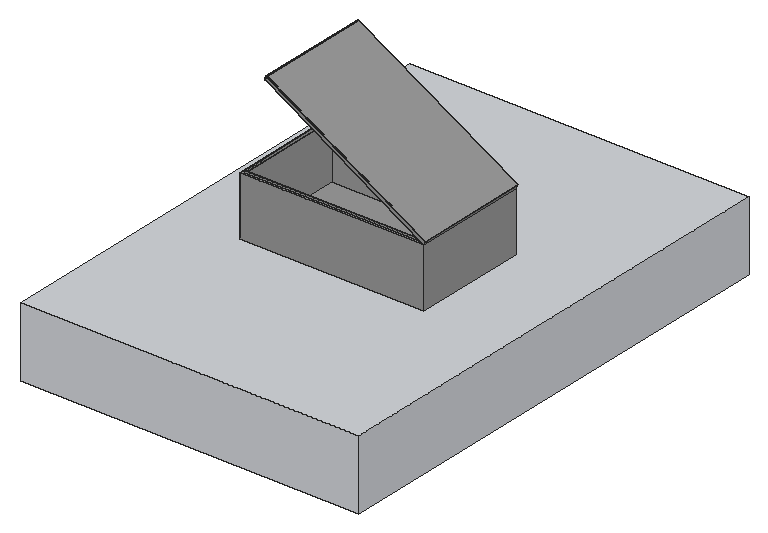
Revit family "Hager-Univers-IP55-D275-H500-Cl.II-Steel_encl-BE-en", category Equipement électrique, Revit 2020
Family settings
  Hôte = Face
  Configuration du panneau = Deux colonnes, circuits au sein
  Cote de connecteur circulaire = Utiliser le diamètre
  Type d'élément = Tableau de raccordement
  Couper avec des vides une fois chargée = Non
  Partagée = Non
  Point de calcul de pièce = Non
Parameters (values of type "Surface mounted (plaster) IP55 W800 H500 D275  - FR33S")
  Width Control [instance] = if([EF000008 - Width] > Min Width, [EF000008 - Width], Min Width)  # 800 mm
  Commentaires du type = [HG000003 - Range]  # "Univers"
  Thickness Door [instance] = if([EF009171 - Material plate thickness door/cover] > 3 mm, 3 mm, [EF009171 - Material plate thickness door/cover])  # 1.5 mm
  Seal Frame Offset [instance] = 17 mm  # constant formula
  Plinth Visibility [instance] = [HG000027 - Plinth height] > 0 mm  # no
  Model = ""
  Min Width [instance] = 100 mm  # constant formula
  Min Height [instance] = 100 mm  # constant formula
  Min Depth [instance] = (2 * [EF009170 - Material plate thickness cabinet]) + 1 mm  # 4 mm
  Internal Frame Depth [instance] = (Door System Depth * 0.5)  # 9 mm
  Height Control [instance] = if([EF000040 - Height] > Min Height, [EF000040 - Height], Min Height)  # 500 mm
  HG000027 - Plinth height = 0 mm
  HG000026 - Floor standing = no
  HG000024 - Bottom section height = 800 mm
  HG000023 - Double section enclosure = no
  HG000016 - Door 3d visibility [instance] = yes
  HG000015 - Clearance visibility [instance] = no
  HG000014 - Door on the right [instance] = yes
  HG000013 - Door on the left [instance] = not([HG000014 - Door on the right])  # no
  HG000012 - Door swing angle [instance] = 30.00°
  HG000010 - Asymmetric doors = no
  HG000009 - Double swing door = no
  HG000006 - Flush mounted = no
  HG000004 - Manufacturer reference = "FR33S"
  HG000003 - Range = "Univers"
  HG000002 - With door or cover = yes
  Frame Offset Bottom [instance] = 10 mm  # constant formula
  Frame Offset [instance] = 15 mm  # constant formula
  EF015940 - Cover with overpressure release = no
  EF011959 - Degree of protection (NEMA) = ""
  EF009554 - Number of openings for flange plates = 6
  EF009212 - Cover model = "EV000116 - Closed"
  EF009171 - Material plate thickness door/cover = 1.5 mm
  EF009170 - Material plate thickness cabinet = 1.5 mm
  Fabricant = "Hager"  # constant formula
  EF008873 - Nominal current (In) = 800 A
  EF007800 - Suitable for lightning protection = no
  EF006306 - With lock = no
  EF006244 - Transparent cover/door = no
  EF005474 - Degree of protection (IP) = "EV006420 - IP55"
  EF004464 - Type of door = "EV002646 - Single"
  EF004427 - Number of modules = 108
  EF004293 - Impact strength = "EV008784 - IK10"
  EF003532 - Suitable for outdoor use = no
  EF002950 - Width in number of modular spacings = 24
  EF001613 - Circuit integrity = "EV000494 - None"
  EF001596 - Material housing = "EV000179 - Steel"
  EF001131 - Internal depth = 275 mm
  EF001088 - Extension possible = yes
  EF000437 - Number of conduit inlets = 6
  EF000339 - Type of cover = "EV004216 - Door"
  EF000266 - Number of rows = 3
  EF000218 - Built-in depth = 0 mm
  EF000118 - With mounting plate = no
  EF000116 - RAL-number = "7035"
  EF000049 - Depth = 275 mm
  EF000040 - Height = 500 mm
  EF000008 - Width = 800 mm
  EF000007 - Colour = "EV000270 - Grey"
  EF000003 - Mounting method = "EV000384 - Surface mounted (plaster)"
  Door System Leaf Tolerance [instance] = 1.5 mm  # constant formula
  Door System Depth [instance] = 18 mm  # constant formula
  Door Height [instance] = Height Control - [HG000027 - Plinth height]  # 500 mm
  Depth Control [instance] = if([EF000049 - Depth] > Min Depth, [EF000049 - Depth], Min Depth)  # 275 mm
  Default Elevation = 0 mm
  Connector Offset [instance] = Height Control / 2  # 250 mm
  Bottom Top Plate Trim [instance] = 1.5 mm  # constant formula
  Plinth height Ctrl [instance] = if([HG000027 - Plinth height] > 0 mm, [HG000027 - Plinth height], 12 mm)  # 12 mm
Types (5, lengths in mm): name | Width Control | HG000010 - Asymmetric doors | HG000009 - Double swing door | HG000004 - Manufacturer reference | EF009554 - Number of openings for flange plates | EF004464 - Type of door | EF004427 - Number of modules | EF000437 - Number of conduit inlets | EF000008 - Width
  Surface mounted (plaster) IP55 W1050 H500 D275  - FR34S | 1050 | no | yes | "FR34S" | 8 | "EV003602 - Double" | 144 | 8 | 1050
  Surface mounted (plaster) IP55 W1300 H500 D275  - FR35S | 1300 | yes | yes | "FR35S" | 10 | "EV003602 - Double" | 180 | 10 | 1300
  Surface mounted (plaster) IP55 W300 H500 D275  - FR31S | 300 | no | no | "FR31S" | 2 | "EV002646 - Single" | 36 | 2 | 300
  Surface mounted (plaster) IP55 W550 H500 D275  - FR32S | 550 | no | no | "FR32S" | 4 | "EV002646 - Single" | 72 | 4 | 550
  Surface mounted (plaster) IP55 W800 H500 D275  - FR33S | 800 | no | no | "FR33S" | 6 | "EV002646 - Single" | 108 | 6 | 800
Reference planes
  plane 1 "Center (Front/Back)": y = 0
  plane 2: z = 0
  plane 3 "Center (Left/Right)": x = 0
  plane 4: z = 275
  plane 5: y = 1.5
  plane 6: y = 250
  plane 7: y = 0
  plane 8: y = 500
  plane 9: z = 0
  plane 10: x = -385
  plane 11: x = 385
  plane 12: x = 383.5
  plane 13: x = -383.5
  plane 14: y = 498.5
  plane 15: x = -383
  plane 16: x = -400
  plane 17: x = 383
  plane 18: x = 400
  plane 19: x = 398.5
  plane 20: x = -398.5
  plane 21: y = 11.5
  plane 22: y = 500
  plane 23: y = 483.5
  plane 24: z = 257
  plane 25: z = 1.5
  plane 26: z = 255.5
  plane 27: z = 273.5
Forms (mm)
  Extrusion 1, solid
    sketch origin (0, 0, 0) x (1, 0, 0) y (0, 1, 0)
      loop
        line (-702.964, 1305) -> (-702.964, -811.445) -> (766.763, -811.445) -> (766.763, 1305) -> (-702.964, 1305)
    from 0 to -304.8
  Extrusion 2, solid, material "Hager_Steel_RAL7035_Light_Grey", visible <- "Plinth Visibility", detail levels medium+fine
    sketch origin (0, 0, 0) x (1, 0, 0) y (0, 1, 0)
      loop
        line (-400, 0) -> (400, 0) -> (400, 12) -> (-400, 12) -> (-400, 0)
    from 0 to 257
  Extrusion 3, solid, material "Hager_Steel_RAL7035_Light_Grey", detail levels medium+fine
    sketch origin (0, 0, 0) x (1, 0, 0) y (0, 1, 0)
      loop
        line (-400, 0) -> (400, 0) -> (400, 500) -> (-400, 500) -> (-400, 0)
    from 0 to 257
  Extrusion 4, void
    sketch origin (0, 0, 0) x (1, 0, 0) y (0, 1, 0)
      loop
        line (-398.5, 1.5) -> (398.5, 1.5) -> (398.5, 498.5) -> (-398.5, 498.5) -> (-398.5, 1.5)
    from 1.5 to 255.5
  Extrusion 5, void
    sketch origin (-381.607, -4572, 257) x (0, -1, 0) y (-1, 0, 0)
      loop
        line (-4583.5, 1.893) -> (-5055.5, 1.893) -> (-5055.5, -765.107) -> (-4583.5, -765.107) -> (-4583.5, 1.893)
    from 0 to 1.5 <- "EF009170 - Material plate thickness cabinet"
  Extrusion 6, solid, material "Hager_Steel_RAL7035_Light_Grey", detail levels fine
    sketch origin (0, 0, 257) x (1, 0, 0) y (0, 1, 0)
      loop
        line (-383.5, 483.5) -> (-383.5, 11.5) -> (383.5, 11.5) -> (383.5, 483.5) -> (-383.5, 483.5)
      loop
        line (-385, 10) -> (385, 10) -> (385, 485) -> (-385, 485) -> (-385, 10)
    from 0 to 9 <- "Internal Frame Depth"
  Extrusion 7, solid, material "Hager_Steel_RAL7035_Light_Grey", detail levels coarse
    sketch origin (0, 0, 0) x (1, 0, 0) y (0, 1, 0)
      loop
        line (-400, 0) -> (400, 0) -> (400, 500) -> (-400, 500) -> (-400, 0)
    from 0 to 275
  Sweep 8, void
    path in 3D
      loop
        line (-400, 12, 0) -> (400, 12, 0) -> (400, 12, 257) -> (-400, 12, 257) -> (-400, 12, 0)
    profile origin (-400, 12, 128.5) x (-1, 0, 0) y (0, -1, 0)
      loop
        line (0, 0) -> (0, 1.5) -> (-1.5, 1.5)
        arc (-1.5, 1.5) -> (-1.061, 0.439) -> (0, 0) r 1.5
Cuts and joins
  Extrusion 4, Extrusion 5 cuts Extrusion 3
  Sweep 8 cuts Extrusion 2
Lines and regions (mm)
  Masking region 1
    outline origin (0, 0, 0) x (1, 0, 0) y (0, 0, 1)
      loop
        line (-400, 275) -> (-400, 0) -> (400, 0) -> (400, 275) -> (-400, 275)
  Masking region 2, detail levels medium+fine
    outline origin (0, 140, 0) x (0, 1, 0) y (0, 0, 1)
      loop
        line (-140, 0) -> (360, 0) -> (360, 257) -> (-140, 257) -> (-140, 0)
  Masking region 3, not visible, detail levels medium+fine
    outline origin (0, 297.922, 0) x (0, 1, 0) y (0, 0, 1)
      loop
        line (-36.422, 0) -> (3.578, 0) -> (3.578, 263.5)
        arc (3.578, 263.5) -> (0.649, 270.571) -> (-6.422, 273.5) r 10
        line (-6.422, 273.5) -> (-36.422, 273.5) -> (-36.422, 0)
  Masking region 4, detail levels coarse
    outline origin (0, 0, 180) x (0, 1, 0) y (0, 0, 1)
      loop
        line (0, -180) -> (500, -180) -> (500, 95) -> (0, 95) -> (0, -180)
  Masking region 5, visible <- "Plinth Visibility", detail levels medium+fine
    outline origin (0, 52.24, 12.345) x (0, 0, -1) y (0, 1, 0)
      loop
        line (10.845, -40.24) -> (-243.155, -40.24)
        arc (-243.155, -40.24) -> (-243.594, -41.301) -> (-244.655, -41.74) r 1.5
        line (-244.655, -41.74) -> (-244.655, -52.24) -> (12.345, -52.24) -> (12.345, -41.74)
        arc (12.345, -41.74) -> (11.285, -41.301) -> (10.845, -40.24) r 1.5
  Masking region 6, detail levels medium+fine
    outline origin (-381.607, -4572, 257) x (-1, 0, 0) y (0, -1, 0)
      loop
        line (18.393, -5072) -> (18.393, -4572) -> (-781.607, -4572) -> (-781.607, -5072) -> (18.393, -5072)
  Masking region 7, visible <- "Plinth Visibility", detail levels medium+fine
    outline origin (-381.607, -4727, 257) x (-1, 0, 0) y (0, -1, 0)
      loop
        arc (16.893, -4739) -> (17.332, -4737.939) -> (18.393, -4737.5) r 1.5
        line (18.393, -4737.5) -> (18.393, -4727) -> (-781.607, -4727) -> (-781.607, -4737.5)
        arc (-781.607, -4737.5) -> (-780.546, -4737.939) -> (-780.107, -4739) r 1.5
        line (-780.107, -4739) -> (16.893, -4739)
  Masking region 8, detail levels coarse
    outline origin (-442.548, -4669.526, 257) x (-1, 0, 0) y (0, -1, 0)
      loop
        line (-42.548, -5169.526) -> (-42.548, -4669.526) -> (-842.548, -4669.526) -> (-842.548, -5169.526) -> (-42.548, -5169.526)
  sketch lines
    curve 1: line (-400, 12, 257) -> (-400, 12, 0)
    curve 2: line (400, 12, 257) -> (-400, 12, 257)
    curve 3: line (400, 12, 257) -> (400, 12, 0)
    curve 4: line (-400, 12, 0) -> (400, 12, 0)
Dimensions and locks
  "Depth Control": plane 4 to Extrusion 1
  "HG000027 - Plinth height": plane 1 "Center (Front/Back)" to plane 7
  "EF009170 - Material plate thickness cabinet": plane 5 to plane 7
  locked: connector elem to plane 3 "Center (Left/Right)"
  equal spacing: plane 8, plane 6, plane 7
  locked: connector elem to plane 6
  "EF009170 - Material plate thickness cabinet": plane 8 to plane 14
  "EF009170 - Material plate thickness cabinet": plane 10 to plane 13
  "EF009170 - Material plate thickness cabinet": plane 12 to plane 11
  "Frame Offset": plane 20 to plane 13
  "Frame Offset": plane 12 to plane 19
  "EF009170 - Material plate thickness cabinet": plane 16 to plane 20
  "EF009170 - Material plate thickness cabinet": plane 19 to plane 18
  "Seal Frame Offset": plane 16 to plane 15
  "Seal Frame Offset": plane 17 to plane 18
  "Frame Offset Bottom": plane 21 to plane 5
  "Frame Offset": plane 14 to plane 23
  equal spacing: plane 16, plane 3 "Center (Left/Right)", plane 18
  "Width Control": plane 16 to plane 18
  "EF009170 - Material plate thickness cabinet": plane 4 to plane 27
  "EF009170 - Material plate thickness cabinet": plane 24 to plane 26
  "EF009170 - Material plate thickness cabinet": plane 25 to level
  "Door System Depth": plane 4 to plane 24
  "Height Control": plane 1 "Center (Front/Back)" to Extrusion 7 sketch curve
  "Height Control": Masking region 4 sketch curve to plane 1 "Center (Front/Back)"
  "Height Control": plane 1 "Center (Front/Back)" to plane 22
  "Bottom Top Plate Trim": profile plane to Sweep 8 sketch curve
  "Bottom Top Plate Trim": Sweep 8 sketch curve to profile plane
  "Plinth height Ctrl": plane 1 "Center (Front/Back)" to Extrusion 2 sketch curve
  "Plinth height Ctrl": Masking region 5 sketch curve to plane 1 "Center (Front/Back)"
  "Plinth height Ctrl": plane 1 "Center (Front/Back)" to Masking region 7 sketch curve
  "Thickness Door": Extrusion 6 sketch curve to Extrusion 6 sketch curve  (x3)
  "Thickness Door": cut or joined group of Extrusion 3, Extrusion 4, Extrusion 5 to Extrusion 6 sketch curve
  radius of Masking region 3 sketch curve = 10 mm
  "Bottom Top Plate Trim": radius of Masking region 5 sketch curve  (x2)
  "Bottom Top Plate Trim": radius of Sweep 8 sketch curve
  "Bottom Top Plate Trim": radius of Masking region 7 sketch curve  (x2)
  aligned and locked: plane 2 to Extrusion 1
  aligned and locked: level to Extrusion 1
  aligned and locked: level to Masking region 1 sketch curve
  aligned and locked: Masking region 1 sketch curve to plane 18
  aligned and locked: Masking region 1 sketch curve to plane 16
  aligned and locked: plane 7 to Masking region 2 sketch curve
  aligned and locked: level to Masking region 3 sketch curve
  aligned and locked: Masking region 3 sketch curve to plane 27
  aligned and locked: level to Masking region 2 sketch curve
  aligned and locked: plane 1 "Center (Front/Back)" to Extrusion 2 sketch curve
  aligned and locked: Extrusion 3 sketch curve to plane 7
  aligned and locked: plane 16 to Extrusion 3 sketch curve
  aligned and locked: plane 18 to Extrusion 3 sketch curve
  aligned and locked: plane 20 to Extrusion 4 sketch curve
  aligned and locked: plane 19 to Extrusion 4 sketch curve
  aligned and locked: Extrusion 4 sketch curve to plane 5
  aligned and locked: Extrusion 4 to plane 25
  aligned and locked: plane 26 to Extrusion 4
  aligned and locked: plane 24 to Extrusion 3
  aligned and locked: Extrusion 5 sketch curve to plane 21
  aligned and locked: Extrusion 5 sketch curve to plane 13
  aligned and locked: Extrusion 5 sketch curve to plane 12
  aligned and locked: plane 18 to Extrusion 7 sketch curve
  aligned and locked: plane 1 "Center (Front/Back)" to Extrusion 7 sketch curve
  aligned and locked: plane 16 to Extrusion 7 sketch curve
  aligned and locked: plane 4 to Extrusion 7
  aligned and locked: Extrusion 7 to level
  aligned and locked: level to Masking region 4 sketch curve
  aligned and locked: Masking region 4 sketch curve to plane 1 "Center (Front/Back)"
  aligned and locked: Masking region 4 sketch curve to plane 4
  aligned and locked: nested 1 to level
  aligned and locked: nested 1 to plane 16
  aligned and locked: plane 8 to Extrusion 3 sketch curve
  aligned and locked: plane 23 to Extrusion 5 sketch curve
  aligned and locked: plane 14 to Extrusion 4 sketch curve
  aligned and locked: Masking region 2 sketch curve to plane 8
  aligned and locked: level to Masking region 5 sketch curve
  aligned and locked: plane 16 to Extrusion 2 sketch curve
  aligned and locked: plane 18 to Extrusion 2 sketch curve
  aligned and locked: Masking region 5 sketch curve to plane 24
  aligned and locked: Masking region 2 sketch curve to plane 24
  aligned and locked: plane 24 to Extrusion 2
  aligned and locked: profile plane to Sweep 8 sketch curve  (x2)
  aligned and locked: Masking region 6 sketch curve to plane 18
  aligned and locked: Masking region 6 sketch curve to plane 22
  aligned and locked: Masking region 6 sketch curve to plane 16
  aligned and locked: plane 8 to plane 22
  aligned and locked: Masking region 6 sketch curve to plane 7
  aligned and locked: Masking region 7 sketch curve to plane 16
  aligned and locked: Masking region 7 sketch curve to plane 1 "Center (Front/Back)"
  aligned and locked: Masking region 7 sketch curve to plane 18
  aligned and locked: Masking region 8 sketch curve to plane 1 "Center (Front/Back)"
  aligned and locked: Masking region 8 sketch curve to plane 18
  aligned and locked: Masking region 8 sketch curve to plane 22
  aligned and locked: Masking region 8 sketch curve to plane 16
  aligned and locked: nested 2 to plane 7
  aligned and locked: plane 3 "Center (Left/Right)" to nested 2
  aligned and locked: nested 2 to plane 24
  aligned and locked: Extrusion 6 sketch curve to cut or joined group of Extrusion 3, Extrusion 4, Extrusion 5  (x4)
Automatic sketch dimensions
  Extrusion 1 sketch curve to Extrusion 1 sketch curve = 1469.727 mm
  Extrusion 1 sketch curve to Extrusion 1 sketch curve = 2116.445 mm
  Masking region 1 sketch curve to plane 4 = 0 mm
  plane 6 to Masking region 3 sketch curve = 11.5 mm
  Masking region 3 sketch curve to Masking region 3 sketch curve = 30 mm
  Masking region 5 sketch curve to plane 1 "Center (Front/Back)" = 0 mm
Nested families
  nested 1: "Hager_Enclosure_Symbol" at (-400, 0, 0) x (1, 0, 0) z (0, -1, 0), Height <- "Depth Control", Width <- "Width Control", type "Hager_Enclosure_Symbol"
    with Width_Ctrl 800 mm, Width 800 mm, Height_Ctrl 275 mm, Height 275 mm, A_Width_Int 18.047 mm, A_Width 216.562 mm, A_Height_Ctrl 240.625 mm, A_Height 240.625 mm
  nested 2: "EC000058_Univers_Door" at (0, 0, 257) x (1, 0, 0) z (0, 1, 0), Leaf_Tolerance <- "Door System Leaf Tolerance", Angle <- "HG000012 - Door swing angle", Door_Depth <- "Door System Depth", Door_Left <- "HG000013 - Door on the left", Transparent <- "EF006244 - Transparent cover/door", Assymetrical <- "HG000010 - Asymmetric doors", Width <- "Width Control", Clearance <- "HG000015 - Clearance visibility", Double <- "HG000009 - Double swing door", 3d_Door <- "HG000016 - Door 3d visibility", Lock_Visibility <- "EF006306 - With lock", Width_Ctrl <- "Width Control", Door_Right <- "HG000014 - Door on the right", Door <- "HG000002 - With door or cover", Height <- "Door Height", Thickness <- "Thickness Door", type "EC000058_Univers_Door", detail levels medium+fine
    with min_wh 4 mm, Width_Ctrl 800 mm, Width 800 mm, Transparent no, Thickness 1.5 mm, Seal_Material Hager_Rubber, Lock_Visibility no, Lock_Material Hager_Plastic_RAL9005_Jet_Black, Leaf_Width 800 mm, Leaf_Tolerance_External_Sides 0 mm, Leaf_Tolerance 1.5 mm, Leaf_Offset 0 mm, Leaf_Height 497 mm, Leaf_2_Width 800 mm, Leaf_2_Offset 400 mm, Leaf_1_Width 800 mm, Leaf_1_Offset 400 mm, Height_Ctrl 500 mm, Height 500 mm, Glass_Material Hager_Glass, Double_Clearance_Ctrl no, Double no, Door_Right_Ctrl yes, Door_Right yes, Door_Material Hager_Steel_RAL7035_Light_Grey, Door_Left_Ctrl no, Door_Left no, Door_Depth 18 mm, Door yes, Clearance_Material Hager_Clearance, Clearance_Depth 800 mm, Clearance_Ctrl no, Clearance no, Assymetrical no, Angle 30.00°, 3d_Door yes
Connectors
  electrical at (0, 250, 0)
    settings: on plane 9, index 1, voltage 0 V, apparent load 0 VA, apparent load phase1 0 VA, apparent load phase2 0 VA, apparent load phase3 0 VA, power factor 1, load classification "Other", number of poles 1, system type 30, power factor state 1, is connector primary yes, connector utility no, sub classification motor no, connector description ""
Definition of nested family "EC000058_Univers_Door"
  Parameters (values of type "EC000058_Univers_Door")
    min_wh [instance] = (2 * Thickness) + 1 mm  # 11 mm
    Width_Ctrl [instance] = 400 mm
    Width [instance] = 500 mm
    Transparent [instance] = yes
    Thickness [instance] = 5 mm
    Seal_Material [instance] = none
    Lock_Visibility [instance] = yes
    Lock_Material [instance] = none
    Leaf_Width [instance] = if((Width_Ctrl - 2 * Leaf_Tolerance_External_Sides) > 0 mm, (Width_Ctrl - 2 * Leaf_Tolerance_External_Sides), min_wh)  # 400 mm
    Leaf_Tolerance_External_Sides [instance] = 0 mm  # constant formula
    Leaf_Tolerance [instance] = 1.5 mm
    Leaf_Offset [instance] = 0 mm  # constant formula
    Leaf_Height [instance] = if((Height_Ctrl - 2 * Leaf_Tolerance) > 0 mm, (Height_Ctrl - 2 * Leaf_Tolerance), min_wh)  # 497 mm
    Leaf_2_Width [instance] = if(and(and(Double, Assymetrical), Door_Left), (Leaf_Width / 3) - (Leaf_Tolerance / 2), if(and(and(Double, Assymetrical), Door_Right), (Leaf_Width / 3) * 2 - (Leaf_Tolerance / 2), if(and(Double, not(Assymetrical)), (Leaf_Width / 2) - Leaf_Tolerance, Leaf_Width)))  # 400 mm
    Leaf_2_Offset [instance] = if(and(Double, Assymetrical), Leaf_2_Width / 2, if(and(Double, not(Assymetrical)), Leaf_Width / 4, Leaf_Width / 2))  # 200 mm
    Leaf_1_Width [instance] = if(and(and(Double, Assymetrical), Door_Right), (Leaf_Width / 3) - (Leaf_Tolerance / 2), if(and(and(Double, Assymetrical), Door_Left), (Width / 3) * 2 - (Leaf_Tolerance / 2), if(and(Double, not(Assymetrical)), (Leaf_Width / 2) - Leaf_Tolerance, Leaf_Width)))  # 400 mm
    Leaf_1_Offset [instance] = if(and(Double, Assymetrical), Leaf_1_Width / 2, if(and(Double, not(Assymetrical)), Leaf_Width / 4, Leaf_Width / 2))  # 200 mm
    Height_Ctrl [instance] = if(Height > min_wh, Height, min_wh)  # 500 mm
    Height [instance] = 500 mm
    Glass_Material [instance] = none
    Double_Clearance_Ctrl [instance] = and(Double, Clearance)  # no
    Double [instance] = no
    Door_Right_Ctrl [instance] = and(or(Door_Right, Double), Door)  # yes
    Door_Right [instance] = yes
    Door_Material [instance] = none
    Door_Left_Ctrl [instance] = and(or(Door_Left, Double), Door)  # no
    Door_Left [instance] = no
    Door_Depth [instance] = 30 mm
    Door [instance] = yes
    Default Elevation = 1219.2 mm
    Clearance_Material [instance] = none
    Clearance_Depth [instance] = if(Leaf_1_Width > Leaf_2_Width, Leaf_1_Width, Leaf_2_Width)  # 400 mm
    Clearance_Ctrl [instance] = and(not(Double), Clearance)  # yes
    Clearance [instance] = yes
    Assymetrical [instance] = yes
    Angle [instance] = 30.00°
    3d_Door [instance] = yes
  Reference planes
    plane 1 "Center (Front/Back)": y = 0
    plane 2 "Bottom": z = 0
    plane 3 "Center (Left/Right)": x = 0
    plane 4: z = 500
    plane 5: x = -200
    plane 6: x = 200
    plane 7: z = 500
    plane 8: x = -200
    plane 9: z = 0
    plane 10: x = 200
    plane 11: y = 0
    plane 12: z = 1.5
    plane 13: x = -600
    plane 14: y = -400
    plane 15: x = 600
    plane 16: x = 0
    plane 17: x = 0
    plane 18: x = -200
    plane 19: x = 200
    plane 20: z = 498.5
  Forms (mm)
    Extrusion 1, solid, material <- "Clearance_Material", visible <- "Double_Clearance_Ctrl"
      sketch origin (1200, 0, 0) x (1, 0, 0) y (0, 0, -1)
        loop
          line (-1800, -498.5) -> (-600, -498.5) -> (-600, 0) -> (-1800, 0) -> (-1800, -498.5)
      from 0 to -400
  Dimensions and locks
    equal spacing: plane 5, plane 3 "Center (Left/Right)", plane 6
    "Width_Ctrl": plane 5 to plane 6
    "Leaf_Offset": plane 5 to plane 8
    "Leaf_Offset": plane 6 to plane 10
    "Leaf_Offset": plane 9 to level
    "Leaf_Offset": plane 4 to plane 7
    "Height_Ctrl": plane 4 to level
    "Leaf_Tolerance": plane 12 to plane 9
    locked: plane 11 to plane 1 "Center (Front/Back)"
    "Leaf_1_Offset": plane 18 to plane 16
    "Leaf_2_Offset": plane 17 to plane 19
    "Leaf_1_Width": plane 13 to plane 8
    "Leaf_2_Width": plane 10 to plane 15
    "Clearance_Depth": plane 14 to plane 1 "Center (Front/Back)"
    "Leaf_Tolerance_External_Sides": plane 8 to plane 18
    "Leaf_Tolerance_External_Sides": plane 19 to plane 10
    "Leaf_Tolerance": plane 7 to plane 20
    aligned and locked: level to plane 2 "Bottom"
    aligned and locked: nested 1 to plane 16
    aligned and locked: nested 2 to plane 17
    aligned and locked: Extrusion 1 to plane 13
    aligned and locked: plane 15 to Extrusion 1
    aligned and locked: Extrusion 1 to plane 14
    aligned and locked: plane 12 to nested 1
    aligned and locked: nested 2 to plane 12
    aligned and locked: Extrusion 1 to plane 11
    aligned and locked: plane 20 to Extrusion 1
    aligned and locked: nested 2 to plane 11
    aligned and locked: nested 1 to plane 11
  Automatic sketch dimensions
    Extrusion 1 sketch curve to level = 0 mm
    plane 5 to Extrusion 1 sketch curve = 400 mm
    plane 6 to Extrusion 1 sketch curve = 400 mm
    Extrusion 1 sketch curve to plane 4 = 1.5 mm
  Nested families
    nested 1: "EC000058_Univers_Door_Leaf" at (0, 0, 1.5), Width <- "Leaf_1_Width", visible <- "Door_Left_Ctrl", Leaf_Height <- "Leaf_Height", Angle <- "Angle", 3d_Door <- "3d_Door", Transparent <- "Transparent", Clearance Material <- "Clearance_Material", Clearance <- "Clearance_Ctrl", Door_Material <- "Door_Material", Glass_Material <- "Glass_Material", Door_Depth <- "Door_Depth", Lock_Material <- "Lock_Material", Seal_Material <- "Seal_Material", Lock_Visibility <- "Lock_Visibility", Thickness <- "Thickness", type "EC000058_Univers_Door_Leaf"
      with Width 400 mm, Transparent_Glass_Offset 30 mm, Transparent_Ctrl yes, Transparent yes, Thickness 5 mm, Standard no, Seal_Material none, Seal_D2 8 mm, Seal_D1 1 mm, Offset_Internal_Frame 10 mm, Lock_Width 20 mm, Lock_Visibility_3d yes, Lock_Visibility yes, Lock_Thickness_3 3 mm, Lock_Thickness_2 1 mm, Lock_Thickness_1 3 mm, Lock_Radius_Offset_2 16 mm, Lock_Radius_Offset_1 15 mm, Lock_Radius_2 5 mm, Lock_Radius 6 mm, Lock_Offset 5 mm, Lock_Material none, Lock_Height 80 mm, Lock_Cover_Top_Offset_2d 17 mm, Lock_Cover_Height -65 mm, Leaf_Height 497 mm, Internal_Seal_Thickness 8 mm, Internal_Seal_Depth_2 4.5 mm, Internal_Frame_Depth 25 mm, Glass_Thickness -1 mm, Glass_Offset -2 mm, Glass_Material none, Door_Material none, Door_Depth 30 mm, Clearance Material none, Clearance yes, Angle_Ctrl 30.00°, Angle 30.00°, 3d_Door yes
    nested 2: "EC000058_Univers_Door_Leaf" at (0, 0, 1.5) x (-1, 0, 0) z (0, 0, 1), Width <- "Leaf_2_Width", visible <- "Door_Right_Ctrl", Leaf_Height <- "Leaf_Height", Angle <- "Angle", 3d_Door <- "3d_Door", Transparent <- "Transparent", Clearance Material <- "Clearance_Material", Clearance <- "Clearance_Ctrl", Door_Material <- "Door_Material", Glass_Material <- "Glass_Material", Door_Depth <- "Door_Depth", Lock_Material <- "Lock_Material", Seal_Material <- "Seal_Material", Lock_Visibility <- "Lock_Visibility", Thickness <- "Thickness", type "EC000058_Univers_Door_Leaf"
      with Width 400 mm, Transparent_Glass_Offset 30 mm, Transparent_Ctrl yes, Transparent yes, Thickness 5 mm, Standard no, Seal_Material none, Seal_D2 8 mm, Seal_D1 1 mm, Offset_Internal_Frame 10 mm, Lock_Width 20 mm, Lock_Visibility_3d yes, Lock_Visibility yes, Lock_Thickness_3 3 mm, Lock_Thickness_2 1 mm, Lock_Thickness_1 3 mm, Lock_Radius_Offset_2 16 mm, Lock_Radius_Offset_1 15 mm, Lock_Radius_2 5 mm, Lock_Radius 6 mm, Lock_Offset 5 mm, Lock_Material none, Lock_Height 80 mm, Lock_Cover_Top_Offset_2d 17 mm, Lock_Cover_Height -65 mm, Leaf_Height 497 mm, Internal_Seal_Thickness 8 mm, Internal_Seal_Depth_2 4.5 mm, Internal_Frame_Depth 25 mm, Glass_Thickness -1 mm, Glass_Offset -2 mm, Glass_Material none, Door_Material none, Door_Depth 30 mm, Clearance Material none, Clearance yes, Angle_Ctrl 30.00°, Angle 30.00°, 3d_Door yes
  Definition of nested family "EC000058_Univers_Door_Leaf"
    Parameters (values of type "EC000058_Univers_Door_Leaf")
      Width [instance] = 2000 mm
      Transparent_Glass_Offset [instance] = 30 mm
      Transparent_Ctrl [instance] = and(Transparent, [3d_Door])  # yes
      Transparent [instance] = yes
      Thickness [instance] = 5 mm
      Standard [instance] = and(not(Transparent), [3d_Door])  # no
      Seal_Material [instance] = none
      Seal_D2 [instance] = 8 mm  # constant formula
      Seal_D1 [instance] = 1 mm  # constant formula
      Offset_Internal_Frame [instance] = 10 mm  # constant formula
      Lock_Width [instance] = 20 mm  # constant formula
      Lock_Visibility_3d [instance] = and(Lock_Visibility, [3d_Door])  # yes
      Lock_Visibility [instance] = yes
      Lock_Thickness_3 [instance] = 3 mm  # constant formula
      Lock_Thickness_2 [instance] = 1 mm  # constant formula
      Lock_Thickness_1 [instance] = 3 mm  # constant formula
      Lock_Radius_Offset_2 [instance] = Lock_Radius_Offset_1 + 1 mm  # 16 mm
      Lock_Radius_Offset_1 [instance] = 15 mm  # constant formula
      Lock_Radius_2 [instance] = Lock_Radius - 1 mm  # 5 mm
      Lock_Radius [instance] = 6 mm  # constant formula
      Lock_Offset [instance] = 5 mm  # constant formula
      Lock_Material [instance] = none
      Lock_Height [instance] = 80 mm  # constant formula
      Lock_Cover_Top_Offset_2d [instance] = Lock_Radius_Offset_2 + 1 mm  # 17 mm
      Lock_Cover_Height [instance] = -(Lock_Height - Lock_Radius_Offset_1)  # -65 mm
      Leaf_Height [instance] = 2720.336 mm
      Internal_Seal_Thickness [instance] = 8 mm  # constant formula
      Internal_Seal_Depth_2 [instance] = 4.5 mm  # constant formula
      Internal_Frame_Depth [instance] = if(Door_Depth - Thickness > 5 mm, Door_Depth - Thickness, 5 mm)  # 25 mm
      Glass_Thickness [instance] = if(Thickness > 15 mm, Glass_Offset + 10 mm, -1 mm)  # -1 mm
      Glass_Offset [instance] = if(Thickness > 15 mm, -(Thickness + 10 mm) / 2, -2 mm)  # -2 mm
      Glass_Material [instance] = none
      Door_Material [instance] = none
      Door_Depth [instance] = 30 mm
      Default Elevation = 0 mm
      Clearance Material [instance] = none
      Clearance [instance] = yes
      Angle_Ctrl [instance] = if(Angle > 180.00°, 180.00°, Angle)  # 90.00°
      Angle [instance] = 90.00°
      3d_Door [instance] = yes
    Reference planes
      plane 1 "Center (Front/Back)": y = 0
      plane 2: z = 0
      plane 3 "Center (Left/Right)": x = 0
      plane 4: y = 2000
      plane 5: x = -1000
      plane 6: x = 1000
      plane 7: x = -3000
      plane 8: z = 2720.336
      plane 9: z = 30
      plane 10: z = 2690.336
      plane 11: x = 970
      plane 12: x = -970
      plane 13: y = -3
      plane 14: z = 107.833
      plane 15: y = -5
      plane 16: y = -223.314
      plane 17: x = -1000
      plane 18: z = 1360.168
      plane 19: y = 30
    Forms (mm)
      Extrusion 1, solid, material <- "Clearance Material", visible <- "Clearance"
        sketch origin (0, 0, 0) x (1, 0, 0) y (0, 0, 1)
          loop
            line (-3000, 2720.336) -> (-3000, 0) -> (1000, 0) -> (1000, 2720.336) -> (-3000, 2720.336)
        from 0 to -2000
      Extrusion 2, solid, material <- "Door_Material", visible <- "Standard", detail levels medium+fine
        sketch origin (-1000, 0, 0) x (0, 1, 0) y (-1, 0, 0)
          loop
            line (0, 30) -> (0, 25) -> (2000, 25) -> (2000, 30) -> (0, 30)
        from 0 to 2720.336 <- "Leaf_Height"
      Extrusion 3, solid, material <- "Door_Material", visible <- "Transparent_Ctrl", detail levels medium+fine
        sketch origin (-1000, 0, 0) x (0, 1, 0) y (-1, 0, 0)
          loop
            line (0, 25) -> (2000, 25) -> (2000, 30) -> (0, 30) -> (0, 25)
        from 0 to 2720.336 <- "Leaf_Height"
      Extrusion 4, void
        sketch origin (-1025, 2000, 0) x (0, 1, 0) y (0, 0, -1)
          loop
            line (-30, -2690.336) -> (-30, -30) -> (-1970, -30) -> (-1970, -2690.336) -> (-30, -2690.336)
        from 0 to 5 <- "Thickness"
      Sweep 5, solid, material <- "Seal_Material", visible <- "Transparent_Ctrl", detail levels fine
        path in 3D
          loop
            line (-1025, 30, 30) -> (-1025, 30, 2690.336) -> (-1025, 1970, 2690.336) -> (-1025, 1970, 30) -> (-1025, 30, 30)
        profile origin (-1025, 1000, 30) x (1, 0, 0) y (0, 0, 1)
          loop
            line (0, 0) -> (0, -8) -> (1, -8) -> (1, 0) -> (0, 0)
      Extrusion 6, solid, material <- "Glass_Material", visible <- "Transparent_Ctrl", detail levels medium+fine
        sketch origin (-1030, 0, 0) x (0, 1, 0) y (0, 0, -1)
          loop
            line (1970, -2690.336) -> (1970, -30) -> (30, -30) -> (30, -2690.336) -> (1970, -2690.336)
        from -2 <- "Glass_Offset" to -1 <- "Glass_Thickness"
      Extrusion 7, solid, material <- "Door_Material", visible <- "3d_Door", detail levels medium+fine
        sketch origin (-1025, 2000, 0) x (0, -1, 0) y (0, 0, -1)
          loop
            line (0, -2720.336) -> (2000, -2720.336) -> (2000, 0) -> (0, 0) -> (0, -2720.336)
          loop
            line (1995, -5) -> (5, -5) -> (5, -2715.336) -> (1995, -2715.336) -> (1995, -5)
        from 0 to 25 <- "Internal_Frame_Depth"
      Sweep 8, solid, material <- "Seal_Material", visible <- "Transparent_Ctrl", detail levels fine
        path in 3D
          loop
            line (-1025, 0, 0) -> (-1025, 2000, 0) -> (-1025, 2000, 2720.336) -> (-1025, 0, 2720.336) -> (-1025, 0, 0)
        profile origin (-1025, 0, 1360.168) x (1, 0, 0) y (0, 1, 0)
          loop
            line (0, 10) -> (2.975, 10)
            arc (2.975, 10) -> (4.053, 10.447) -> (4.5, 11.525) r 1.525
            line (4.5, 11.525) -> (4.5, 16.527)
            arc (4.5, 16.527) -> (4.069, 17.569) -> (3.027, 18) r 1.473
            line (3.027, 18) -> (0, 18) -> (0, 10)
      Extrusion 9, solid, material <- "Lock_Material", visible <- "Lock_Visibility_3d", detail levels fine
        sketch origin (-1030, 0, 0) x (0, 1, 0) y (0, 0, -1)
          loop
            arc (1993.5, -1400.168) -> (1994.561, -1399.729) -> (1995, -1398.668) r 1.5
            line (1995, -1398.668) -> (1995, -1320.168) -> (1975, -1320.168) -> (1975, -1398.668)
            arc (1975, -1398.668) -> (1975.439, -1399.729) -> (1976.5, -1400.168) r 1.5
            line (1976.5, -1400.168) -> (1993.5, -1400.168)
        from 3 <- "Lock_Thickness_1" to 0
      Blend 10, solid, material <- "Lock_Material", visible <- "Lock_Visibility_3d", detail levels fine
        base sketch origin (-1033, 0, 0) x (0, 1, 0) y (0, 0, -1)
          loop
            line (1975, -1320.168) -> (1975, -1398.668)
            arc (1975, -1398.668) -> (1975.439, -1399.729) -> (1976.5, -1400.168) r 1.5
            line (1976.5, -1400.168) -> (1993.5, -1400.168)
            arc (1993.5, -1400.168) -> (1994.561, -1399.729) -> (1995, -1398.668) r 1.5
            line (1995, -1398.668) -> (1995, -1320.168) -> (1975, -1320.168)
        top sketch origin (-1033, 0, 0) x (0, 1, 0) y (0, 0, -1)
          loop
            line (1976, -1320.168) -> (1976, -1398.668)
            arc (1976, -1398.668) -> (1976.146, -1399.022) -> (1976.5, -1399.168) r 0.5
            line (1976.5, -1399.168) -> (1993.5, -1399.168)
            arc (1993.5, -1399.168) -> (1993.854, -1399.022) -> (1994, -1398.668) r 0.5
            line (1994, -1398.668) -> (1994, -1320.168) -> (1976, -1320.168)
        from 0 to 1 <- "Lock_Thickness_2"
      Blend 11, solid, material <- "Lock_Material", visible <- "Lock_Visibility_3d", detail levels fine
        base sketch origin (-1034, 0, 0) x (0, 1, 0) y (0, 0, -1)
          loop
            line (1978, -1320.168) -> (1978, -1384.168)
            arc (1978, -1384.168) -> (1985, -1391.168) -> (1992, -1384.168) r 7
            line (1992, -1384.168) -> (1992, -1320.168) -> (1978, -1320.168)
        top sketch origin (-1034, 0, 0) x (0, 1, 0) y (0, 0, -1)
          loop
            line (1991, -1320.168) -> (1979, -1320.168) -> (1979, -1383.168)
            arc (1979, -1383.168) -> (1985, -1389.168) -> (1991, -1383.168) r 6
            line (1991, -1383.168) -> (1991, -1320.168)
        from 0 to 3 <- "Lock_Thickness_3"
      Extrusion 12, solid, material <- "Lock_Material", visible <- "Lock_Visibility_3d", detail levels fine
        sketch origin (-1030, 1975, 1320.168) x (1, 0, 0) y (0, -1, 0)
          loop
            line (-7, -19) -> (-7, -1) -> (0, -1) -> (0, 0) -> (-8, 0) -> (-8, -20) -> (0, -20) -> (0, -19) -> (-7, -19)
        from 0 to -65 <- "Lock_Cover_Height"
      Extrusion 13, void
        sketch origin (-1038, 1995, 1320.168) x (-1, 0, 0) y (0, 0, -1)
          loop
            line (-5, -65) -> (0, -65) -> (-5, -60) -> (-5, -65)
        from 0 to 20 <- "Lock_Width"
      Extrusion 14, void
        sketch origin (-1038, 1975, 1320.168) x (0, -1, 0) y (0, 0, -1)
          loop
            circle (-10, -15.995) r 6
          loop
            circle (-10, -15.995) r 5
        from 0 to 2
      Extrusion 15, solid, material <- "Lock_Material", visible <- "Lock_Visibility_3d", detail levels medium
        sketch origin (-1030, 0, 0) x (0, 1, 0) y (0, 0, -1)
          loop
            arc (1993.5, -1400.168) -> (1994.561, -1399.729) -> (1995, -1398.668) r 1.5
            line (1995, -1398.668) -> (1995, -1320.168) -> (1975, -1320.168) -> (1975, -1398.668)
            arc (1975, -1398.668) -> (1975.439, -1399.729) -> (1976.5, -1400.168) r 1.5
            line (1976.5, -1400.168) -> (1993.5, -1400.168)
        from 8 to 0
    Cuts and joins
      Extrusion 4 cuts Extrusion 3
      Extrusion 13, Extrusion 14 cuts Extrusion 9
      Extrusion 14 cuts Blend 11
      Extrusion 13, Extrusion 14 cuts Extrusion 12
      joined: Extrusion 9, Blend 10, Blend 11, Extrusion 12
      Extrusion 14 cuts Extrusion 15
    Lines and regions (mm)
      Masking region 1, visible <- "Lock_Visibility", detail levels fine
        outline origin (0, 0, 0) x (0, 1, 0) y (0, 0, 1)
          loop
            line (30, 1320.168) -> (33, 1320.168) -> (33, 1400.168) -> (30, 1400.168) -> (30, 1320.168)
      Masking region 2, visible <- "Lock_Visibility", detail levels fine
        outline origin (0, 3.143, 0) x (0, 1, 0) y (0, 0, 1)
          loop
            line (29.857, 1354.168) -> (30.857, 1354.168) -> (30.857, 1366.168) -> (29.857, 1366.168) -> (29.857, 1354.168)
      Masking region 3, detail levels medium+fine
        outline origin (0, 0, 0) x (0, 1, 0) y (0, 0, 1)
          loop
            line (0, 0) -> (30, 0) -> (30, 2720.336) -> (0, 2720.336) -> (0, 0)
      Masking region 4, detail levels medium+fine
        outline origin (0, 0, 0) x (1, 0, 0) y (0, 0, 1)
          loop
            line (-1000, 2720.336) -> (-1000, 0) -> (1000, 0) -> (1000, 2720.336) -> (-1000, 2720.336)
      Masking region 5, visible <- "Lock_Visibility", detail levels fine
        outline origin (-47.116, 0, 0) x (1, 0, 0) y (0, 0, 1)
          loop
            arc (1024.616, 1399.168) -> (1023.556, 1398.729) -> (1023.116, 1397.668) r 1.5
            line (1023.116, 1397.668) -> (1023.116, 1320.168) -> (1041.116, 1320.168) -> (1041.116, 1397.668)
            arc (1041.116, 1397.668) -> (1040.677, 1398.729) -> (1039.616, 1399.168) r 1.5
            line (1039.616, 1399.168) -> (1024.616, 1399.168)
      Masking region 6, visible <- "Lock_Visibility", detail levels medium+fine
        outline origin (-25, 0, 0) x (1, 0, 0) y (0, 0, 1)
          loop
            arc (1001.5, 1400.168) -> (1000.439, 1399.729) -> (1000, 1398.668) r 1.5
            line (1000, 1398.668) -> (1000, 1320.168) -> (1020, 1320.168) -> (1020, 1398.668)
            arc (1020, 1398.668) -> (1019.561, 1399.729) -> (1018.5, 1400.168) r 1.5
            line (1018.5, 1400.168) -> (1001.5, 1400.168)
      Masking region 7, visible <- "Lock_Visibility", detail levels fine
        outline origin (-73.735, 0, 0) x (1, 0, 0) y (0, 0, 1)
          loop
            line (1051.735, 1382.168) -> (1065.735, 1382.168) -> (1065.735, 1384.168)
            arc (1065.735, 1384.168) -> (1058.735, 1391.168) -> (1051.735, 1384.168) r 7
            line (1051.735, 1384.168) -> (1051.735, 1382.168)
      Masking region 8, visible <- "Lock_Visibility", detail levels fine
        outline origin (-73.735, 0, 0) x (1, 0, 0) y (0, 0, 1)
          loop
            line (1052.735, 1382.168) -> (1064.735, 1382.168) -> (1064.735, 1383.168)
            arc (1064.735, 1383.168) -> (1058.735, 1389.168) -> (1052.735, 1383.168) r 6
            line (1052.735, 1383.168) -> (1052.735, 1382.168)
      Masking region 9, visible <- "Lock_Visibility", detail levels fine
        outline origin (-25, 0, 0) x (1, 0, 0) y (0, 0, 1)
          loop
            line (1020, 1320.168) -> (1020, 1382.168) -> (1000, 1382.168) -> (1000, 1320.168) -> (1020, 1320.168)
      Masking region 10, detail levels medium+fine
        outline origin (0, 0, 0) x (1, 0, 0) y (0, 0, 1)
          loop
            circle (985, 1335.144) r 6
      Masking region 11, detail levels fine
        outline origin (0, 0, 0) x (1, 0, 0) y (0, 0, 1)
          loop
            circle (985, 1335.144) r 5
      Masking region 12, visible <- "Lock_Visibility", detail levels fine
        outline origin (0, 12.767, 0) x (0, 1, 0) y (0, 0, 1)
          loop
            line (20.233, 1320.168) -> (21.233, 1320.168) -> (21.233, 1399.168) -> (20.233, 1400.168) -> (20.233, 1320.168)
      Masking region 13, visible <- "Lock_Visibility", detail levels fine
        outline origin (0, 13.767, -10) x (0, 1, 0) y (0, 0, 1)
          loop
            line (20.233, 1330.168) -> (23.233, 1330.168) -> (23.233, 1399.168) -> (20.233, 1402.168) -> (20.233, 1330.168)
      Masking region 14, visible <- "Lock_Visibility", detail levels fine
        outline origin (0, 12.767, -10) x (0, 1, 0) y (0, 0, 1)
          loop
            line (20.233, 1330.168) -> (25.233, 1330.168) -> (25.233, 1399.305) -> (20.233, 1394.305) -> (20.233, 1330.168)
      Masking region 15, visible <- "Lock_Visibility", detail levels medium
        outline origin (0, 0, 0) x (0, 1, 0) y (0, 0, 1)
          loop
            line (30, 1320.168) -> (38, 1320.168) -> (38, 1400.168) -> (30, 1400.168) -> (30, 1320.168)
      Masking region 16, visible <- "Lock_Visibility", detail levels fine
        outline origin (-1000, 0, 0) x (0, 1, 0) y (-1, 0, 0)
          loop
            line (1975, 30) -> (1995, 30) -> (1995, 38) -> (1975, 38) -> (1975, 30)
          loop
            line (1979, 37) -> (1976, 37) -> (1976, 34) -> (1978, 34) -> (1979, 37)
          loop
            line (1994, 37) -> (1991, 37) -> (1992, 34) -> (1994, 34) -> (1994, 37)
      Masking region 17, visible <- "Lock_Visibility", detail levels medium
        outline origin (-1000, 0, 0) x (0, 1, 0) y (-1, 0, 0)
          loop
            line (1975, 30) -> (1995, 30) -> (1995, 38) -> (1975, 38) -> (1975, 30)
      symbolic lines
        curve 1: line (1000, 0, 0) -> (-3000, 0, 0)
        curve 2: arc (1000, 0, 0) -> (-1000, 2000, 0) -> (-3000, 0, 0) r 2000
        curve 4: line (-1030, 0, 0) -> (-1030, 2000, 0)
      reference lines
        curve 3: line (-1000, 0, 0) -> (-1000, 2000, 0)
      symbolic lines, detail levels medium+fine
        curve 5: line (-1030, 2000, 0) -> (-1025, 2000, 0)
        curve 7: line (-1025, 0, 0) -> (-1030, 0, 0)
        curve 8: line (-1025, 0, 0) -> (-1000, 0, 0)
        curve 9: line (-1000, 0, 0) -> (-1000, 2000, 0)
        curve 10: line (-1000, 2000, 0) -> (-1025, 2000, 0)
      symbolic lines, detail levels fine
        curve 6: line (-1025, 2000, 0) -> (-1025, 0, 0)
      sketch lines
        curve 11: line (-1025, 0, 2720.336) -> (-1025, 0, 0)
        curve 12: line (-1025, 2000, 0) -> (-1025, 0, 0)
        curve 13: line (-1025, 2000, 2720.336) -> (-1025, 2000, 0)
        curve 14: line (-1025, 0, 2720.336) -> (-1025, 2000, 2720.336)
        curve 15: line (-1025, 1970, 30) -> (-1025, 30, 30)
        curve 16: line (-1025, 30, 30) -> (-1025, 30, 2690.336)
        curve 17: line (-1025, 1970, 2690.336) -> (-1025, 1970, 30)
        curve 18: line (-1025, 30, 2690.336) -> (-1025, 1970, 2690.336)
      symbolic lines, visible <- "Transparent", detail levels medium+fine
        curve 19: line (-970, 0, 2690.336) -> (970, 0, 2690.336)
        curve 20: line (-970, 0, 30) -> (-970, 0, 2690.336)
        curve 21: line (970, 0, 30) -> (-970, 0, 30)
        curve 22: line (970, 0, 2690.336) -> (970, 0, 30)
    Dimensions and locks
      "Width": plane 1 "Center (Front/Back)" to plane 4
      equal spacing: plane 5, plane 3 "Center (Left/Right)", plane 6
      "Width": plane 5 to plane 6
      "Width": plane 7 to plane 5
      "Leaf_Height": plane 8 to level
      "Width": curve 5 to curve 3
      "Width": curve 3 to curve 3
      plane 8 to plane 10 = 30 mm
      plane 9 to level = 30 mm
      plane 12 to plane 5 = 30 mm
      plane 6 to plane 11 = 30 mm
      Extrusion 1 to Extrusion 4 sketch curve = 30 mm
      "Transparent_Glass_Offset": curve 3 to Extrusion 4 sketch curve
      "Transparent_Glass_Offset": Extrusion 4 sketch curve to cut or joined group of Extrusion 3, Extrusion 4  (x2)
      cut or joined group of Extrusion 3, Extrusion 4 to Extrusion 6 sketch curve = 30 mm
      "Transparent_Glass_Offset": cut or joined group of Extrusion 3, Extrusion 4 to Extrusion 4 sketch curve
      "Thickness": curve 6 to curve 4
      "Thickness": Extrusion 7 sketch curve to Extrusion 7 sketch curve  (x4)
      "Door_Depth": curve 4 to curve 3
      "Offset_Internal_Frame": profile plane to Sweep 8 sketch curve
      "Internal_Seal_Thickness": Sweep 8 sketch curve to Sweep 8 sketch curve
      "Internal_Seal_Depth_2": profile plane to Sweep 8 sketch curve
      "Seal_D1": profile plane to Sweep 5 sketch curve
      "Seal_D2": profile plane to Sweep 5 sketch curve
      "Thickness": Extrusion 2 sketch curve to Extrusion 2 sketch curve
      equal spacing: Extrusion 9 sketch curve, plane 18, Extrusion 9 sketch curve  (x2)
      equal spacing: Masking region 1 sketch curve, plane 18, Masking region 1 sketch curve
      "Lock_Height": Masking region 1 sketch curve to Masking region 1 sketch curve
      "Lock_Radius": Masking region 2 sketch curve to plane 18 to Masking region 2 sketch curve
      Masking region 2 sketch curve to Masking region 1 = 1 mm
      "Door_Depth": plane 19 to plane 1 "Center (Front/Back)"
      "Lock_Thickness_1": Masking region 1 sketch curve to plane 19
      "Lock_Width": Extrusion 9 sketch curve to Extrusion 9 sketch curve
      "Lock_Height": Extrusion 9 sketch curve to Extrusion 9 sketch curve
      "Lock_Offset": cut or joined group of Extrusion 3, Extrusion 4 to Extrusion 9 sketch curve
      equal spacing: plane 8, plane 18, level
      "Lock_Radius_Offset_1": Blend 11 sketch curve to Blend 10
      locked: Blend 10 to Blend 11 sketch curve at 2  (x2)
      locked: var sketch to Blend 11 sketch curve at 1  (x2)
      "Lock_Radius_Offset_2": Blend 11 sketch curve to Blend 10
      locked: Extrusion 12 sketch curve to Extrusion 12 sketch curve at 1  (x3)
      Masking region 6 sketch curve to Masking region 6 sketch curve = 80 mm
      "Lock_Height": Masking region 6 sketch curve to Masking region 6 sketch curve
      "Lock_Width": Masking region 6 sketch curve to Masking region 6 sketch curve
      locked: Masking region 6 to Masking region 5 sketch curve at 1  (x3)
      locked: Masking region 5 to Masking region 7 sketch curve at 2  (x2)
      "Lock_Radius_Offset_1": Masking region 5 to Masking region 7 sketch curve
      "Lock_Radius_Offset_2": Masking region 5 to Masking region 8 sketch curve
      locked: Masking region 7 to Masking region 8 sketch curve at 1  (x2)
      "Lock_Cover_Top_Offset_2d": Masking region 5 to Masking region 9 sketch curve
      equal spacing: Masking region 9, Masking region 10 sketch curve, Masking region 9
      equal spacing: Masking region 9, Masking region 11 sketch curve, Masking region 9
      Extrusion 15 sketch curve to Extrusion 15 sketch curve = 80 mm
      "Lock_Width": Extrusion 15 sketch curve to Extrusion 15 sketch curve
      "Lock_Height": Extrusion 15 sketch curve to Extrusion 15 sketch curve
      equal spacing: Extrusion 15 sketch curve, plane 18, Extrusion 15 sketch curve
      "Lock_Thickness_3": Masking region 13 sketch curve to Masking region 13 sketch curve
      "Lock_Height": Masking region 12 sketch curve to Masking region 12 sketch curve
      locked: Masking region 13 sketch curve to Masking region 1 at 8
      locked: Masking region 14 sketch curve to Masking region 13 at 1
      locked: Masking region 14 sketch curve to Masking region 1 at 10.863
      "Lock_Height": Masking region 15 sketch curve to Masking region 15 sketch curve
      "Lock_Offset": Extrusion 15 sketch curve to cut or joined group of Extrusion 3, Extrusion 4
      "Lock_Offset": plane 6 to Masking region 6 sketch curve
      radius of Sweep 8 sketch curve = 1.525 mm
      radius of Sweep 8 sketch curve = 1.473 mm
      radius of Extrusion 9 sketch curve = 1.5 mm  (x2)
      "Lock_Radius": radius of Extrusion 14 sketch curve
      "Lock_Radius_2": radius of Extrusion 14 sketch curve
      "Lock_Radius": radius of Masking region 10 sketch curve
      "Lock_Radius_2": radius of Masking region 11 sketch curve
      radius of Extrusion 15 sketch curve = 1.5 mm  (x2)
      "Angle_Ctrl": angle plane 1 "Center (Front/Back)" to curve 3
      locked: Masking region 12 sketch curve to Masking region 12 sketch curve (angle 45.00°)
      locked: Masking region 13 sketch curve to Masking region 13 sketch curve (angle 45.00°)
      locked: Masking region 14 sketch curve to Masking region 14 sketch curve (angle 45.00°)
      aligned and locked: level to plane 2
      aligned and locked: Extrusion 1 to curve 1
      aligned and locked: plane 6 to Extrusion 1
      aligned and locked: Extrusion 1 to plane 1 "Center (Front/Back)"
      aligned and locked: plane 4 to Extrusion 1
      aligned and locked: plane 8 to Extrusion 1
      aligned and locked: curve 7 to Extrusion 2 sketch curve
      aligned and locked: curve 5 to Extrusion 2 sketch curve
      aligned and locked: curve 7 to Extrusion 3 sketch curve
      aligned and locked: Extrusion 3 sketch curve to curve 4
      aligned and locked: Extrusion 3 sketch curve to curve 6
      aligned and locked: Extrusion 3 sketch curve to curve 5
      aligned and locked: curve 9 to curve 3
      aligned and locked: Extrusion 7 sketch curve to cut or joined group of Extrusion 3, Extrusion 4  (x4)
      aligned and locked: plane 17 to curve 3
      aligned and locked: plane 1 "Center (Front/Back)" to curve 3
      aligned and locked: plane 17 to plane 5
      aligned and locked: Sweep 8 sketch curve to profile plane
      aligned and locked: Sweep 5 sketch curve to profile plane  (x2)
      aligned and locked: Masking region 1 to Masking region 2 sketch curve
      aligned and locked: plane 19 to Masking region 1 sketch curve
      aligned and locked: plane 1 "Center (Front/Back)" to Masking region 3 sketch curve
      aligned and locked: plane 19 to Masking region 3 sketch curve
      aligned and locked: level to Masking region 3 sketch curve
      aligned and locked: Masking region 3 sketch curve to plane 8
      aligned and locked: plane 17 to Masking region 4 sketch curve
      aligned and locked: level to Masking region 4 sketch curve
      aligned and locked: Masking region 4 sketch curve to plane 8
      aligned and locked: plane 12 to curve 20
      aligned and locked: plane 10 to curve 19
      aligned and locked: plane 11 to curve 22
      aligned and locked: curve 21 to plane 9
      aligned and locked: Extrusion 2 sketch curve to cut or joined group of Extrusion 3, Extrusion 4
      aligned and locked: Blend 10 sketch curve to Extrusion 9  (x4)
      aligned and locked: Extrusion 9 to Blend 10 sketch curve
      aligned and locked: Blend 10 to Blend 11 sketch curve
      aligned and locked: Extrusion 12 sketch curve to Blend 11
      aligned and locked: Extrusion 12 sketch curve to Extrusion 9  (x4)
      aligned and locked: Masking region 5 sketch curve to Masking region 6
      aligned and locked: Masking region 9 sketch curve to Masking region 6  (x3)
      aligned and locked: Masking region 12 sketch curve to Masking region 1
      aligned and locked: Masking region 13 sketch curve to Masking region 1
      aligned and locked: Masking region 12 to Masking region 14
      aligned and locked: Masking region 14 sketch curve to Masking region 1
      aligned and locked: Masking region 15 sketch curve to Masking region 14
      aligned and locked: Masking region 13 sketch curve to Masking region 12
      aligned and locked: Masking region 16 sketch curve to cut or joined group of Extrusion 14, Extrusion 15  (x4)
      aligned and locked: Masking region 16 sketch curve to cut or joined group of Extrusion 9, Blend 10, Blend 11, Extrusion 12, Extrusion 13, Extrusion 14  (x6)
      aligned and locked: cut or joined group of Extrusion 9, Blend 10, Blend 11, Extrusion 12, Extrusion 13, Extrusion 14 to Masking region 16 sketch curve
      aligned and locked: Masking region 17 sketch curve to cut or joined group of Extrusion 14, Extrusion 15  (x3)
      aligned and locked: Masking region 17 sketch curve to cut or joined group of Extrusion 9, Blend 10, Blend 11, Extrusion 12, Extrusion 13, Extrusion 14
      aligned and locked: Masking region 9 to Masking region 8 sketch curve
      aligned and locked: Masking region 9 to Masking region 7 sketch curve
    Automatic sketch dimensions
      plane 1 "Center (Front/Back)" to curve 2 = 0 mm
      curve 2 to plane 5 = 0 mm
      Extrusion 1 sketch curve to level = 0 mm
      Extrusion 1 sketch curve to plane 7 = 0 mm
      Extrusion 1 sketch curve to plane 6 = 0 mm
      Extrusion 1 sketch curve to plane 8 = 0 mm
      Extrusion 3 to Extrusion 6 sketch curve = 30 mm  (x4)
      Masking region 4 sketch curve to plane 6 = 0 mm
      Blend 10 sketch curve to Extrusion 9 = 1.5 mm
      Blend 10 sketch curve to Extrusion 9 = 1 mm
      Extrusion 13 sketch curve to Extrusion 12 = 0 mm  (x2)
      Extrusion 12 to Extrusion 13 sketch curve = 3 mm
      Extrusion 13 sketch curve to Extrusion 12 = 5 mm
      Extrusion 14 sketch curve to Extrusion 14 sketch curve = 0 mm  (x2)
      Extrusion 14 sketch curve to Extrusion 12 = 10 mm
      Extrusion 14 sketch curve to Extrusion 12 = 15.995 mm
      Masking region 5 sketch curve to Masking region 5 sketch curve = 1.5 mm  (x2)
      Masking region 10 sketch curve to plane 18 = 25.024 mm
      Masking region 11 sketch curve to plane 18 = 25.024 mm
      plane 19 to Masking region 14 sketch curve = 3 mm
      Masking region 16 sketch curve to Masking region 16 sketch curve = 3 mm
      curve 4 to curve 3 = 0 mm
      Blend 10 to Blend 11 sketch curve = 0 mm
      Masking region 6 sketch curve to Masking region 6 sketch curve = 1.5 mm  (x2)
      Masking region 6 sketch curve to plane 18 = 40 mm
      plane 19 to Masking region 12 sketch curve = 3 mm
      Masking region 12 sketch curve to Masking region 12 sketch curve = 1 mm
      Masking region 15 sketch curve to plane 19 = 0 mm
      Masking region 15 sketch curve to plane 18 = 40 mm
      radius of Blend 10 sketch curve to Extrusion 9 = 1 mm
Definition of nested family "Hager_Enclosure_Symbol"
  Parameters (values of type "Hager_Enclosure_Symbol")
    Width_Ctrl [instance] = if(Width > 1 mm, Width, 1 mm)  # 102.27 mm
    Width [instance] = 102.27 mm
    Height_Ctrl [instance] = if(Height > 1 mm, Height, 1 mm)  # 66.5 mm
    A_Width_Int [instance] = if(A_Width / 12 > 2 mm, A_Width / 12, 2 mm)  # 4.364 mm
    A_Width [instance] = if(A_Height_Ctrl * 0.9 > 2 mm, A_Height_Ctrl * 0.9, 2 mm)  # 52.369 mm
    A_Height_Ctrl [instance] = if(A_Height > 2 mm, A_Height, 2 mm)  # 58.188 mm
    Height [instance] = 66.5 mm
    A_Height [instance] = Height - (Height / 8)  # 58.188 mm
  Reference planes
    plane 1 "Centre (avant/arrière)": y = 0
    plane 2: z = 0
    plane 3 "Centre (gauche/droite)": x = 0
    plane 4: x = 52.369
    plane 5: y = 33.042
    plane 6: y = 41.77
    plane 7: y = 66.5
    plane 8: x = 26.184
    plane 9: y = 37.406
    plane 10: x = 102.27
    plane 11: y = 66.5
    plane 12: y = 8.313
  Lines and regions (mm)
    Filled region 1, type "Solid_Black", in view "Niveau de réf."
      outline origin (0, 0, 0) x (1, 0, 0) y (0, 1, 0)
        loop
          line (52.369, 66.5) -> (33.188, 54.536) -> (45.365, 45.006) -> (52.369, 66.5)
    Filled region 2, type "Solid_Black", in view "Niveau de réf."
      outline origin (0, 0, 0) x (1, 0, 0) y (0, 1, 0)
        loop
          line (0, 0) -> (102.27, 0) -> (102.27, 66.5) -> (0, 0)
    detail lines, in view "Niveau de réf."
      curve 1: line (0, 8.313, 0) -> (26.184, 41.77, 0)
      curve 2: line (26.184, 41.77, 0) -> (26.184, 33.042, 0)
      curve 3: line (26.184, 33.042, 0) -> (52.369, 66.5, 0)
  Dimensions and locks
    "A_Width": plane 3 "Centre (gauche/droite)" to plane 4
    equal spacing: plane 3 "Centre (gauche/droite)", plane 8, plane 4
    equal spacing: plane 6, plane 9, plane 5
    equal spacing: curve 3, Filled region 1 sketch curve, Filled region 1 sketch curve
    "Height_Ctrl": plane 1 "Centre (avant/arrière)" to plane 11
    "A_Height_Ctrl": plane 11 to plane 12
    equal spacing: plane 11, plane 9, plane 12
    "A_Width_Int": plane 6 to plane 9
    "Width_Ctrl": plane 3 "Centre (gauche/droite)" to plane 10
    angle Filled region 1 sketch curve to curve 3 = 20.00°
    angle curve 3 to Filled region 1 sketch curve = 20.00°
    locked: curve 3 to Filled region 1 sketch curve (angle 90.00°)
    aligned and locked: plane 10 to Filled region 2
    aligned and locked: plane 11 to Filled region 2 sketch curve
    aligned and locked: plane 10 to Filled region 2 sketch curve
    aligned and locked: plane 3 "Centre (gauche/droite)" to curve 1
    aligned and locked: plane 12 to curve 1
    aligned and locked: plane 7 to plane 11
  Automatic sketch dimensions
    Filled region 1 sketch curve to plane 4 = 0 mm
    Filled region 1 sketch curve to plane 7 = 0 mm
    plane 1 "Centre (avant/arrière)" to Filled region 2 sketch curve = 0 mm
    Filled region 2 sketch curve to plane 3 "Centre (gauche/droite)" = 0 mm
    curve 2 to plane 6 = 0 mm
    curve 2 to plane 8 = 0 mm
    curve 3 to plane 4 = 0 mm
    curve 2 to plane 5 = 0 mm
    curve 3 to plane 7 = 0 mm
